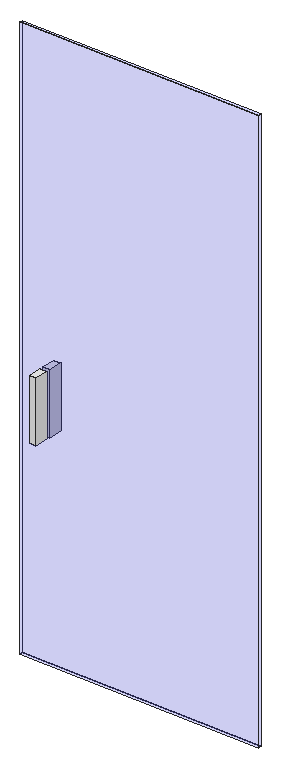
Revit family "M_Porta-Parede-Cortina-Vidro-Único", category Portas, Revit 2019
Family settings
  Número OmniClass = 23.30.10.00
  Título OmniClass = Doors
  Sempre na vertical = Sim
  Corte com vazios quando carregada = Não
  Compartilhado = Não
  Ponto de cálculo do ambiente = Não
Parameters
  Largura [instance] = 900 mm
  Visual Light Transmittance = 0
  Resistência térmica (R) = 1.7611 (m²·K)/W
  Ângulo de abertura [instance] = 90.00°
  Solar Heat Gain Coefficient = 0
  Construction Type Id = ""
  Coeficiente de transferência de calor (U) = 0.567826 W/(m²·K)
  Material da maçaneta = Alumín. 1
  Vidraça = Vidro
  Função = Exterior
  Código de montagem = "B2030100"
  Deslocamento = 50.8 mm
  Construção analítica = "<Nenhum>"
Reference planes
  plane 1 "Centro (Frente/Trás)": y = 0
  plane 2: z = 0
  plane 3 "Centro (Esquerda/Direita)": x = 0.023
  plane 4 "Esquerda": x = -449.977
  plane 5 "Direita": x = 450.023
  plane 6 "Superior": z = 2133.6
  plane 7: y = 50.8
Forms (mm)
  Extrusion 1, solid, material "Vidro" <- "Vidraça"
    sketch origin (-539.7, 0, 0) x (1, 0, 0) y (0, 1, 0)
      loop
        line (89.723, 50.8) -> (89.723, 38.1) -> (989.723, 38.1) -> (989.723, 50.8) -> (89.723, 50.8)
    from 0 to 2133.6
  Extrusion 2, solid, material "Alumín. 1" <- "Material da maçaneta", detail levels fine
    sketch origin (-134.177, 50.8, 2133.6) x (0, 0, -1) y (-1, 0, 0)
      loop
        line (1143, 214.2) -> (1371.6, 214.2) -> (1371.6, 239.6) -> (1143, 239.6) -> (1143, 214.2)
    from 0 to 50.8
  Extrusion 3, solid, material "Alumín. 1" <- "Material da maçaneta", detail levels fine
    sketch origin (-449.977, 38.1, 2133.6) x (0, 0, -1) y (1, 0, 0)
      loop
        line (1143, 76.2) -> (1371.6, 76.2) -> (1371.6, 101.6) -> (1143, 101.6) -> (1143, 76.2)
    from 0 to 50.8
Lines and regions (mm)
  symbolic lines, style "Giro da elevação"
    curve 1: line (-449.977, 38.1, 2133.6) -> (450.023, 38.1, 1066.8)
    curve 2: line (-449.977, 38.1, 0) -> (450.023, 38.1, 1066.8)
Text (mm)
  text "Exterior" at (-1004.642, 1035.004, 0), in view "Nível de referência"
Dimensions and locks
  equal spacing: plane 4 "Esquerda", plane 3 "Centro (Esquerda/Direita)", plane 5 "Direita"
  "Deslocamento": plane 1 "Centro (Frente/Trás)" to plane 7
  plane 2 to plane 6 "Superior" = 2133.6 mm
  Extrusion 1 to Extrusion 3 = 76.2 mm
  equal spacing: plane 2, curve 2, plane 6 "Superior"
  "Largura": plane 4 "Esquerda" to plane 5 "Direita"
  aligned and locked: Extrusion 1 to plane 6 "Superior"
  aligned and locked: Extrusion 1 sketch curve to plane 4 "Esquerda"
  aligned and locked: Extrusion 1 to plane 2
  aligned and locked: plane 7 to nested 1
  aligned and locked: nested 1 to plane 5 "Direita"  (x2)
  aligned and locked: Extrusion 1 to plane 7
  aligned and locked: nested 1 to plane 4 "Esquerda"
Automatic sketch dimensions
  curve 1 to plane 4 "Esquerda" = 0 mm
  curve 1 to plane 6 "Superior" = 0 mm
  curve 2 to plane 5 "Direita" = 0 mm
  curve 2 to level = 0 mm
  curve 2 to plane 4 "Esquerda" = 0 mm
  Extrusion 3 sketch curve to plane 4 "Esquerda" = 101.6 mm
  level to Extrusion 3 sketch curve = 990.6 mm
  Extrusion 3 sketch curve to plane 4 "Esquerda" = 76.2 mm
  Extrusion 3 sketch curve to Extrusion 3 sketch curve = 228.6 mm
  Extrusion 1 sketch curve to plane 5 "Direita" = 0 mm
  Extrusion 1 sketch curve to plane 7 = 0 mm
  Extrusion 1 sketch curve to Extrusion 1 sketch curve = 12.7 mm
  Extrusion 2 sketch curve to plane 4 "Esquerda" = 76.2 mm
  level to Extrusion 2 sketch curve = 990.6 mm
  Extrusion 2 sketch curve to plane 4 "Esquerda" = 101.6 mm
  Extrusion 2 sketch curve to Extrusion 2 sketch curve = 228.6 mm
Nested families
  nested 1: "Porta de parede cortina abertura única" at (450.023, 50.8, 0), Ângulo de abertura <- "Ângulo de abertura", type "Único"
    with Abertura visível yes, Ângulo de abertura 90.00°, Ângulo real 90.00°
Definition of nested family "Porta de parede cortina abertura única"
  Parameters (values of type "Único")
    Width = 900 mm
    Thickness = 0 mm
    Abertura visível [instance] = Ângulo de abertura > 1.00°  # yes
    Ângulo de abertura [instance] = 45.00°
    Assembly Code = ""
    Analytic Construction = "<Nenhum>"
    Ângulo real [instance] = if(Ângulo de abertura < 1.00°, 1.00°, Ângulo de abertura)  # 45.00°
  Reference planes
    plane 1 "Centro (Frente/Trás)": y = 0
    plane 2: z = 0
    plane 3 "Centro (Esquerda/Direita)": x = 0
    plane 4: x = -900
  Lines and regions (mm)
    symbolic lines
      curve 1: line (0, 0, 0) -> (-900, 0, 0)
      curve 5: line (0, 0, 0) -> (-636.396, 636.396, 0)
    symbolic lines, visible <- "Abertura visível"
      curve 2: arc (-900, 0, 0) -> (-831.492, 344.415, 0) -> (-636.396, 636.396, 0) r 900
    reference lines
      curve 3: line (0, 0, 0) -> (-636.396, 636.396, 0)
    model lines
      curve 4: line (0, 0, 0) -> (0, 0, 25.4)
  Dimensions and locks
    "Width": plane 4 to plane 3 "Centro (Esquerda/Direita)"
    locked: curve 2 to plane 3 "Centro (Esquerda/Direita)"
    locked: curve 2 to plane 1 "Centro (Frente/Trás)"
    "Width": curve 3 to curve 3
    locked: curve 4 to plane 2 at 25.4
    "Width": radius of curve 2
    "Ângulo real": angle curve 2 to curve 2
    "Ângulo de abertura": angle curve 3 to plane 1 "Centro (Frente/Trás)"
    aligned and locked: plane 3 "Centro (Esquerda/Direita)" to curve 1
    aligned and locked: plane 3 "Centro (Esquerda/Direita)" to curve 3
    aligned and locked: plane 1 "Centro (Frente/Trás)" to curve 3
    aligned and locked: plane 3 "Centro (Esquerda/Direita)" to curve 4
    aligned and locked: plane 2 to curve 4
    aligned and locked: curve 5 to curve 3
